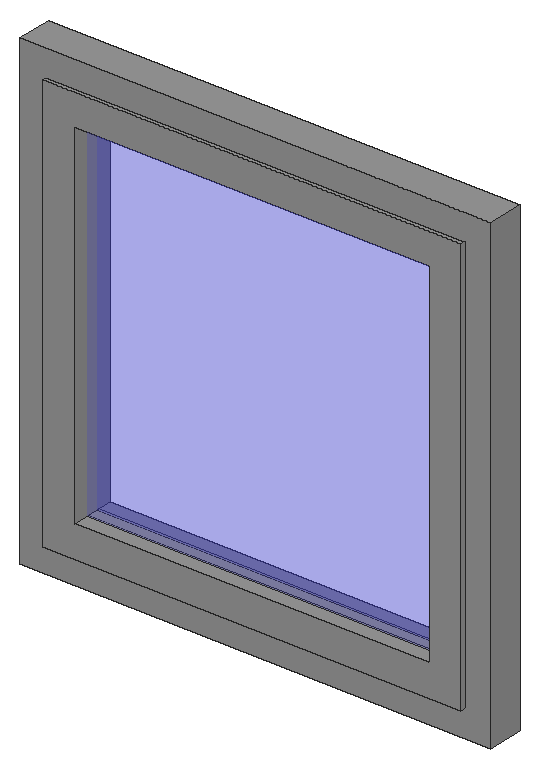
Revit family "Family5", category Windows, host Wall, Revit 2018
Family settings
  Host = Wall
  OmniClass Number = 23.30.20.00
  OmniClass Title = Windows
  Always vertical = Yes
  Cut with Voids When Loaded = No
  Shared = No
  Room Calculation Point = No
Parameters
  Visual Light Transmittance = 0.81
  URL = "www.skywardwindows.co.za"
  Thermal Resistance (R) = 0.3196 (m²·K)/W
  Telephone = "021 276 1800"
  Solar Heat Gain Coefficient = 0.76
  Window = Window
  Manufacturer = "Skyward Windows"
  Height = 890 mm
  Heat Transfer Coefficient (U) = 3.1292 W/(m²·K)
  Glass Thickness = 4 mm
  Glass = Glass
  Email Address = "info@skywardwindows.co.za"
  Default Sill Height = 800 mm
  Wall Closure = By host
  Width = 890 mm
  Company Address = "Charles Matthews Street Atlantis 7349"
  Analytic Construction = "Double glazing - domestic"
Reference planes
  plane 1 "Center (Front/Back)": y = 0
  plane 2 "Center (Left/Right)": x = 0
  plane 3 "Left": x = -445
  plane 4 "Right": x = 445
  plane 5 "Sill": z = 800
  plane 6 "Head": z = 1690
  plane 7 "Exterior": y = 100
  plane 8 "Interior": y = -100
Forms (mm)
  Extrusion 1, solid, material "Window" <- "Window"
    sketch origin (0, -100, 0) x (1, 0, 0) y (0, 0, 1)
      loop
        line (-445, 1690) -> (-445, 800) -> (445, 800) -> (445, 1690) -> (-445, 1690)
      loop
        line (-395, 850) -> (395, 850) -> (395, 1640) -> (-395, 1640) -> (-395, 850)
    from -133.481 to -65.429
  Extrusion 2, solid, material "Window" <- "Window"
    sketch origin (0, -100, 0) x (1, 0, 0) y (0, 0, 1)
      loop
        line (-395, 1640) -> (-395, 850) -> (395, 850) -> (395, 1640) -> (-395, 1640)
      loop
        line (-336, 909) -> (336, 909) -> (336, 1581) -> (-336, 1581) -> (-336, 909)
    from -142 to -58
  Extrusion 3, solid, material "Glass" <- "Glass"
    sketch origin (0, 0, 0) x (1, 0, 0) y (0, 1, 0)
      loop
        line (-336, 14) -> (-336, 10) -> (336, 10) -> (336, 14) -> (-336, 14)
      loop
        line (336, -10) -> (-336, -10) -> (-336, -14) -> (336, -14) -> (336, -10)
    from 909 to 1581
Lines and regions (mm)
  Opening 1
    outline origin (3500, -100, 0) x (1, 0, 0) y (0, 0, 1)
      loop
        line (-3055, 800) -> (-3055, 1690) -> (-3945, 1690) -> (-3945, 800) -> (-3055, 800)
Text (mm)
  text "EXTERIOR" at (-1963.203, 1332.353, 0), in view "Ref. Level"
  text "INTERIOR" at (-1981.466, -818.386, 0), in view "Ref. Level"
  text "Exterior" at (0, 923.751, 2943.296), in view "Right"
  text "Exterior" at (0, 1040.484, 2685.409), in view "Left"
Dimensions and locks
  equal spacing: plane 3 "Left", plane 2 "Center (Left/Right)", plane 4 "Right"
  "Width": plane 3 "Left" to plane 4 "Right"
  "Height": plane 5 "Sill" to plane 6 "Head"
  "Default Sill Height": plane 5 "Sill" to level
  locked: plane 7 "Exterior" to host wall at 0
  locked: plane 8 "Interior" to host wall
  "Glass Thickness": Extrusion 3 to Extrusion 3  (x2)
  aligned and locked: Extrusion 1 sketch curve to host wall  (x4)
Automatic sketch dimensions
  Opening 1 sketch curve to plane 3 "Left" = 0 mm
  Opening 1 sketch curve to plane 4 "Right" = 0 mm
  Opening 1 sketch curve to plane 5 "Sill" = 0 mm
  Opening 1 sketch curve to plane 6 "Head" = 0 mm
  Extrusion 1 sketch curve to plane 3 "Left" = 50 mm
  plane 4 "Right" to Extrusion 1 sketch curve = 50 mm
  Extrusion 1 sketch curve to plane 5 "Sill" = 50 mm
  plane 6 "Head" to Extrusion 1 sketch curve = 50 mm
  Extrusion 2 sketch curve to plane 3 "Left" = 50 mm
  Extrusion 2 sketch curve to Extrusion 2 sketch curve = 59 mm  (x3)
  plane 4 "Right" to Extrusion 2 sketch curve = 50 mm
  Extrusion 2 sketch curve to plane 5 "Sill" = 50 mm
  plane 6 "Head" to Extrusion 2 sketch curve = 109 mm
  plane 6 "Head" to Extrusion 2 sketch curve = 50 mm
  Extrusion 3 sketch curve to host wall = 14 mm
  Extrusion 3 sketch curve to plane 3 "Left" = 109 mm
  host wall to Extrusion 3 sketch curve = 10 mm
  Extrusion 3 sketch curve to Extrusion 3 sketch curve = 0 mm  (x2)
  plane 4 "Right" to Extrusion 3 sketch curve = 109 mm
  Extrusion 3 sketch curve to Extrusion 3 sketch curve = 4 mm  (x2)
